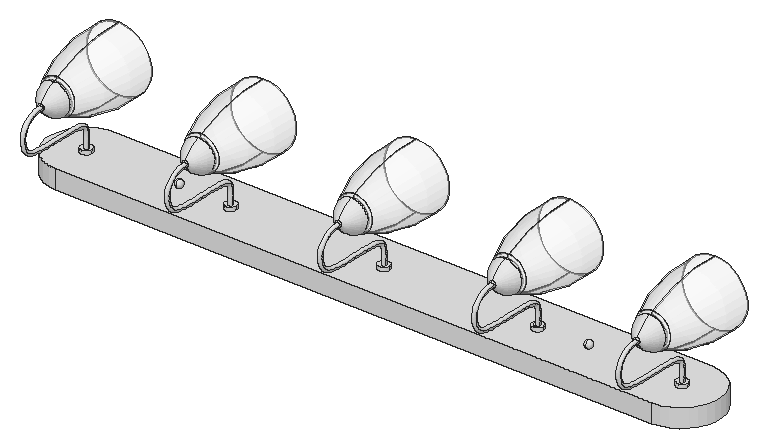
Revit family "P2713-09 5-100W MED BAYH BRACKET", category Lighting Fixtures, host Face, Revit 2012
Parameters (values of type "P2713-09 5-100W MED BATH BRACKET")
  Wattage Comments = "100 W"  # constant formula
  URL = "http://www.progresslighting.com/"
  Product Page URL = "http://www.progresslighting.com/products.aspx?product=P2713-09"
  Product Documentation Link = "http://www.progresslighting.com/SpecSheets/P2713.pdf"
  Mounting = "Wall Mount"  # constant formula
  Model = "P2713-09"  # constant formula
  Manufacturer Phone = "864-678-1000"  # constant formula
  Manufacturer Fax = "864-678-1065"  # constant formula
  Manufacturer = "Progress Lighting"  # constant formula
  Lamp = "Five"  # constant formula
  Glass = Ethed Glass Shade
  Description = "Five-light bath"  # constant formula
  Default Elevation = 48"
  Back Plate = Plated Brushed Nickel
Reference planes (in)
  plane 1 "Center (Front/Back)": y = 0
  plane 2: z = 0
  plane 3 "Center (Left/Right)": x = 0
  plane 4: x = -18
  plane 5: x = 18
  plane 6: y = 2
  plane 7: y = -1.992
  plane 8: z = 1
  plane 9: x = -11
Forms (in)
  Extrusion 1, solid, material "Plated Brushed Nickel" <- "Back Plate"
    sketch origin (0, 0.53536, 0) x (1, 0, 0) y (0, 1, 0)
      loop
        arc (-16.00413, 1.46063) -> (-18.00013, -0.53537) -> (-16.00413, -2.53137) r 1.996
        line (-16.00413, -2.53137) -> (16.00397, -2.53137)
        arc (16.00397, -2.53137) -> (17.99997, -0.53537) -> (16.00397, 1.46063) r 1.996
        line (16.00397, 1.46063) -> (-16.00413, 1.46063)
    from 0 to 1
  Revolve 2, solid, material "Plated Brushed Nickel" <- "Back Plate"
    sketch origin (16.63867, -0.00139, 1.08725) x (1, 0, 0) y (0, 1, 0)
      loop
        arc (-8.43867, -0.1474) -> (-8.29127, 0) -> (-8.43867, 0.1474) r 0.1474
        line (-8.43867, 0.1474) -> (-8.43867, -0.1474)
      axis (-8.43867, -0.1474) -> (-8.43867, 0.1474)
    angle from 0 to 360
  Revolve 3, solid, material "Plated Brushed Nickel" <- "Back Plate"
    sketch origin (-11, 9.03407, 48) x (0, 1, 0) y (0, 0, 1)
      loop
        arc (-9.03407, -47) -> (-8.84659, -46.8125) -> (-9.03407, -46.625) r 0.1875
        line (-9.03407, -46.625) -> (-9.03407, -47)
      axis (-9.03407, -46.625) -> (-9.03407, -47)
    angle from 0 to 360
  Revolve 4, solid, material "Plated Brushed Nickel" <- "Back Plate"
    sketch origin (11, 9.03407, 48) x (0, 1, 0) y (0, 0, -1)
      loop
        line (-9.03407, 47) -> (-9.03407, 46.625)
        arc (-9.03407, 46.625) -> (-8.84659, 46.8125) -> (-9.03407, 47) r 0.1875
      axis (-9.03407, 46.625) -> (-9.03407, 47)
    angle from 0 to 360
Dimensions and locks (in)
  plane 6 to plane 1 "Center (Front/Back)" = 2"
  plane 4 to plane 3 "Center (Left/Right)" = 18"
  locked: plane 8 to plane 2 at 1
  Extrusion 1 sketch curve to plane 4 = 1.99587"
  Extrusion 1 sketch curve to plane 1 "Center (Front/Back)" = 1.99598"
  Extrusion 1 sketch curve to Extrusion 1 sketch curve = 32.00811"  (x2)
  plane 7 to Extrusion 1 sketch curve = 3.98798"
  plane 1 "Center (Front/Back)" to Extrusion 1 = 1.99598"  (x2)
  plane 6 to Extrusion 1 sketch curve = 3.99601"
  locked: Extrusion 1 sketch curve to Extrusion 1 sketch curve at 3.992
  Extrusion 1 sketch curve to plane 6 = 0.00402"
  nested 1 to plane 1 "Center (Front/Back)" = 1.0562"
  nested 2 to plane 1 "Center (Front/Back)" = 1.0562"
  nested 3 to plane 1 "Center (Front/Back)" = 1.0562"
  locked: Revolve 2 sketch curve to Revolve 2 sketch curve at 0.35175
  plane 3 "Center (Left/Right)" to Revolve 2 sketch curve = 8.2"
  locked: plane 1 "Center (Front/Back)" to Extrusion 1 at 1.99598
  locked: nested 4 to plane 5 at 2
  locked: nested 1 to plane 1 "Center (Front/Back)" at 1.0562
  locked: nested 3 to plane 5 at 9.75
  locked: nested 1 to plane 3 "Center (Left/Right)" at 8.25
  locked: nested 2 to plane 3 "Center (Left/Right)" at 0.02331
  locked: nested 4 to plane 1 "Center (Front/Back)" at 1.0562
  locked: nested 5 to plane 1 "Center (Front/Back)" at 1.0562
  locked: nested 5 to plane 3 "Center (Left/Right)" at 16
  radius of Extrusion 1 sketch curve = 1.996"  (x2)
  aligned and locked: plane 2 to host face
  aligned and locked: level to host face
  aligned and locked: plane 8 to Extrusion 1
  aligned and locked: Extrusion 1 to host face
  aligned and locked: plane 1 "Center (Front/Back)" to Revolve 3 sketch curve
Nested families (in)
  nested 1: "P2706" at (-8.25, -1.0562, 1), type "P2706"
  nested 2: "P2706" at (-0.02331, -1.0562, 1), type "P2706"
  nested 3: "P2706" at (8.25, -1.0562, 1), type "P2706"
  nested 4: "P2706" at (16, -1.0562, 1), type "P2706"
  nested 5: "P2706" at (-16, -1.0562, 1), type "P2706"
Connectors (in)
  electrical at (-0.00008, -0.00001, 0)
    settings: on Extrusion 1, index 1, voltage 0 V, apparent load 0 VA, apparent load phase1 0 VA, apparent load phase2 0 VA, apparent load phase3 0 VA, power factor 1, load classification "Other", number of poles 1, system type 31, power factor state 1, is connector primary yes, connector utility no, sub classification motor no, connector description ""
Definition of nested family "P2706"
  Parameters (values of type "P2706")
    Wattage = 9.2903 W
    built-in parameter 1150110 = 1 (stored number, unit not read)
    built-in parameter 1114217 = 1 (stored number, unit not read)
    built-in parameter 1150109 = 1 (stored number, unit not read)
    built-in parameter 1150134 = 3
    built-in parameter 1150113 = 1 (stored number, unit not read)
    built-in parameter 1150105 = 109.82 (stored number, unit not read)
    Lumens = 1380 lm
    built-in parameter 1150115 = 1 (stored number, unit not read)
    Light Source Symbol Size = 3"
    built-in parameter 1150137 = (empty or 0)
    built-in parameter 1150139 = (empty or 0)
    built-in parameter 1150112 = 1 (stored number, unit not read)
    built-in parameter 1150114 = 1 (stored number, unit not read)
    built-in parameter 1150132 = (empty or 0)
    built-in parameter 1150102 = (empty or 0)
    built-in parameter 1150107 = 3200 (stored number, unit not read)
    built-in parameter 1150138 = (empty or 0)
    built-in parameter 1150106 = 1.0982 (stored number, unit not read)
    Glass = Ethed Glass Shade
    built-in parameter 1150104 = 13.8 (stored number, unit not read)
    Dimming Lamp Color Temperature Shift = (empty or 0)
    Default Elevation = 48"
    Color Filter = 16777215
    built-in parameter 1114218 = 1 (stored number, unit not read)
    Back Plate = Plated Brushed Nickel
    built-in parameter 1150133 = 10 (stored number, unit not read)
  Reference planes (in)
    plane 1 "Center (Front/Back)": y = 0
    plane 2: z = -1.32579
    plane 3 "Center (Left/Right)": x = 0
    plane 4: z = -1.16191
    plane 5: z = 5.17421
    plane 6: z = 1.83809
    plane 7: y = -0.97098
    plane 8: z = 5.16387
    plane 9: z = 3.42421
  Forms (in)
    Extrusion 1, solid
      sketch origin (0, 0, 0) x (1, 0, 0) y (0, 1, 0)
        loop
          line (-48, 48) -> (-48, -48) -> (48, -48) -> (48, 48) -> (-48, 48)
      from -1.32579 to -12
    Extrusion 2, solid, material "Plated Brushed Nickel" <- "Back Plate"
      sketch origin (0, 0.05805, 0) x (-1, 0, 0) y (0, -1, 0)
        loop
          circle (-0.01972, -0.99512) r 0.3
      from 0 to 0.16387
    Sweep 3, solid, material "Plated Brushed Nickel" <- "Back Plate"
      path origin (0, 0.1246, 0) x (0, -1, 0) y (0, 0, 1)
        loop
          spline (-0.92936, 0.16387) -> (-0.9305, 0.83136) -> (-0.73341, 1.28118) -> (-0.14975, 1.40768) -> (0.57246, 1.42309) -> (1.27196, 1.42516) -> (1.8772, 1.42987) -> (2.42911, 1.46258) -> (2.93419, 1.60051) -> (3.27733, 2.01163) -> (3.31266, 2.65062) -> (2.88802, 3.20254) -> (2.09345, 3.42421)
      profile origin (0, -1.7526, 1.42987) x (0, 0.024605, 0.999697) y (-1, 0, 0)
        loop
          circle (0, -0.02216) r 0.10287
    Revolve 4, solid, material "Ethed Glass Shade" <- "Glass"
      sketch origin (0, -0.12045, -1.32579) x (0, -1, 0) y (0, 0, 1)
        loop
          arc (-3.42574, 2.96847) -> (-1.28591, 3.09533) -> (0.74175, 3.79073) r 7.92917
          arc (0.74175, 3.79073) -> (0.82115, 3.86355) -> (0.85053, 3.96719) r 0.19752
          line (0.85053, 3.96719) -> (0.85053, 4.75) -> (0.80053, 4.75) -> (0.80053, 3.96826)
          arc (0.80053, 3.96826) -> (0.77833, 3.88993) -> (0.71832, 3.83491) r 0.14926
          arc (0.71832, 3.83491) -> (-1.298, 3.14391) -> (-3.42574, 3.01862) r 7.87917
          line (-3.42574, 3.01862) -> (-3.42574, 2.96847)
        axis (0.85053, 4.75) -> (-3.42574, 4.75)
      angle from 0 to 360
    Revolve 5, solid, material "Plated Brushed Nickel" <- "Back Plate"
      sketch origin (0, -0.10456, 0) x (0, -1, 0) y (0, 0, 1)
        loop
          line (1.9006, 3.42421) -> (0.86641, 3.42421) -> (0.86641, 2.59003) -> (0.97372, 2.571)
          arc (0.97372, 2.571) -> (1.47824, 2.84497) -> (1.86429, 3.2699) r 1.71757
          arc (1.86429, 3.2699) -> (1.89041, 3.28636) -> (1.9006, 3.3155) r 0.04679
          line (1.9006, 3.3155) -> (1.9006, 3.42421)
        axis (1.9006, 3.42421) -> (0.86641, 3.42421)
      angle from 0 to 360
  Lines and regions (in)
    model lines
      curve 1: line (0, -2.00516, 3.42463) -> (0, -2.00516, 3.3155)
      curve 2: arc (0, -2.00516, 3.3155) -> (0, -2.01535, 3.28636) -> (0, -2.04147, 3.2699) r 0.04679
  Dimensions and locks (in)
    plane 4 to plane 2 = 0.16387"
    plane 6 to plane 5 = 3.33613"
    locked: plane 4 to plane 6 at 3
    Extrusion 1 to plane 4 to plane 5 = 0.16387" locked, 6.33613" locked
    radius of Extrusion 2 sketch curve = 0.3"
    aligned and locked: plane 2 to Extrusion 1
    aligned and locked: Extrusion 2 to level
    aligned and locked: plane 3 "Center (Left/Right)" to imposter light
    aligned and locked: plane 7 to Revolve 4 sketch curve
    aligned and locked: plane 9 to Sweep 3
    aligned and locked: Revolve 5 sketch curve to curve 1
    aligned and locked: Revolve 5 sketch curve to plane 9
    aligned and locked: Revolve 5 sketch curve to Revolve 5 sketch curve
    aligned and locked: plane 9 to Sweep 3 sketch curve
    aligned and locked: Sweep 3 sketch curve to Extrusion 2
